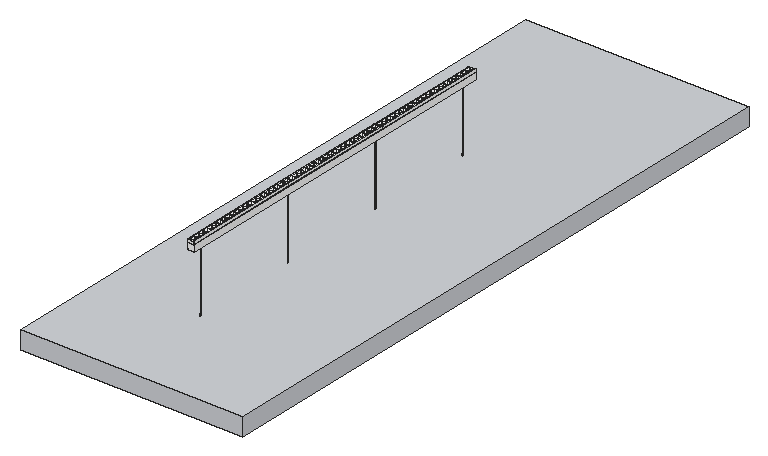
Revit family "Zumtobel TECTON MIREL LED", category Lighting Fixtures, host Face, Revit 2016
Family settings
  Host = Face
  Part Type = Normal
  Round Connector Dimension = Use Diameter
  OmniClass Number = 23.80.70.11
  OmniClass Title = Luminaries for Internal Lighting
  Cut with Voids When Loaded = No
  Light Source = No
  Shared = No
  Room Calculation Point = No
Parameters (values of type "TECTON MIREL LED2700 L1000")
  Offset = 0 mm  # constant formula
  Type Comments = "© Zumtobel. We reserve the right to make technical changes without prior notice."  # constant formula
  Track [instance] = Zumtobel_Metal_White
  Suspension Height [instance] = 600 mm
  URL = "http://www.zumtobel.com/42185314"
  Suspension [instance] = Zumtobel_Metal_White
  Reflector [instance] = Zumtobel_Metal_White
  Number of Suspensions [instance] = 4
  Number of Lighting Fixtures [instance] = 3
  Length Continuous Row [instance] = Number of Lighting Fixtures * Length + (Number of Lighting Fixtures - 1) * Distance between Fixtures + Fixture Start Offset + Fixture End Offset  # 3000 mm
  Fixture Type = Zumtobel TECTON MIREL LED (Lamp & Reflector) : TECTON MIREL LED2700 L1000
  Fixture End Offset [instance] = 0 mm
  Length = 1000 mm
  Distance between Fixtures [instance] = 0 mm
  Model = ""  # constant formula
  Manufacturer = "Zumtobel Lighting"  # constant formula
  Lamp = ""  # constant formula
  Fixture Start Offset [instance] = 0 mm
  Description = "LED continuous-row luminaire"  # constant formula
  Default Elevation = 0 mm
  Body [instance] = Zumtobel_Metal_White
  Assembly Code = "D5020210"
  Apparent Load = 0 VA  # constant formula
Reference planes
  plane 1 "Top": z = 0
  plane 2 "Center (Left/Right)": x = 0
  plane 3 "Suspension Right": y = -900
  plane 4 "Left": y = -1000
  plane 5: z = 600
  plane 6: z = 540
  plane 7: y = -1000
  plane 8: y = 0
  plane 9: y = 0
  plane 10 "Right": y = 2000
  plane 11: y = 1900
  plane 12: z = 597.258
  plane 13: z = 594.252
  plane 14: z = 543.072
  plane 15: z = 546.078
Forms (mm)
  Extrusion 1, solid
    sketch origin (0, 0, 0) x (1, 0, 0) y (0, 1, 0)
      loop
        line (-819.2, 3600) -> (-819.2, -1800) -> (1080.8, -1800) -> (1080.8, 3600) -> (-819.2, 3600)
    from 0 to -150
  Extrusion 2, solid, material "Zumtobel_Metal_White" <- "Track"
    sketch origin (0, -900, 0) x (0, 0, -1) y (-1, 0, 0)
      loop
        line (-597.258, 27.125) -> (-594.252, 27.125) -> (-594.252, 21.81) -> (-600, 21.81) -> (-600, -21.81) -> (-594.252, -21.81) -> (-594.252, -27.125) -> (-597.258, -27.125) -> (-597.258, -30) -> (-543.072, -30) -> (-543.072, -27.125) -> (-546.078, -27.125) -> (-546.078, -21.81) -> (-540, -21.81) -> (-540, 21.81) -> (-546.078, 21.81) -> (-546.078, 27.125) -> (-543.072, 27.125) -> (-543.072, 30) -> (-597.258, 30) -> (-597.258, 27.125)
    from -100 to 2900
Dimensions and locks
  locked: plane 3 "Suspension Right" to connector elem
  locked: plane 3 "Suspension Right" to plane 4 "Left" at 100
  locked: plane 5 to plane 6 at 60
  "Suspension Height": plane 5 to plane 1 "Top"
  "Fixture Start Offset": plane 7 to plane 4 "Left"
  "Length": plane 8 to plane 7
  "Distance between Fixtures": plane 9 to plane 8
  "Length Continuous Row": plane 10 "Right" to plane 4 "Left"
  locked: plane 10 "Right" to plane 11 at 100
  plane 5 to plane 12 to plane 13 = 2.742 mm locked, 3.006 mm locked
  plane 6 to plane 14 to plane 15 = 3.072 mm locked, 3.006 mm locked
  equal spacing: group 1, group 3, group 4, group 2  (x3)
  equal spacing: group 5, group 6, group 7  (x3)
  aligned and locked: plane 1 "Top" to Extrusion 1
  aligned and locked: level to Extrusion 1
  aligned and locked: nested 1 to plane 2 "Center (Left/Right)"
  aligned and locked: plane 12 to Extrusion 2 sketch curve
  aligned and locked: Extrusion 2 sketch curve to plane 12
  aligned and locked: Extrusion 2 sketch curve to plane 13  (x2)
  aligned and locked: Extrusion 2 sketch curve to plane 15
  aligned and locked: plane 15 to Extrusion 2 sketch curve
  aligned and locked: plane 14 to Extrusion 2 sketch curve
  aligned and locked: Extrusion 2 sketch curve to plane 14
  aligned and locked: Extrusion 2 sketch curve to plane 5
  aligned and locked: Extrusion 2 sketch curve to plane 6
  aligned and locked: Extrusion 2 to plane 4 "Left"
  aligned and locked: plane 10 "Right" to Extrusion 2
  aligned and locked: plane 11 to nested 3
  aligned and locked: plane 3 "Suspension Right" to nested 2
  aligned and locked: nested 6 to plane 9
  aligned and locked: nested 1 to plane 7
Automatic sketch dimensions
  Extrusion 1 sketch curve to Extrusion 1 sketch curve = 1900 mm
  Extrusion 1 sketch curve to Extrusion 1 sketch curve = 5400 mm
  plane 2 "Center (Left/Right)" to Extrusion 2 sketch curve = 30 mm
  Extrusion 2 sketch curve to Extrusion 2 sketch curve = 2.875 mm  (x3)
  Extrusion 2 sketch curve to Extrusion 2 sketch curve = 5.315 mm  (x4)
  Extrusion 2 sketch curve to Extrusion 2 sketch curve = 43.62 mm  (x2)
Nested families
  nested 1: "Zumtobel TECTON MIREL LED (Lamp & Reflector)" at (-218.644, -425.076, 0) x (0, 1, 0) z (0, 0, -1), Suspension Height <- "Suspension Height", built-in parameter 1001364 <- "Offset", type <- "Fixture Type", Reflector <- "Reflector", Body <- "Body", type "TECTON MIREL LED2700 L1000"
    with Suspension Height 600 mm, Reflector Zumtobel_Metal_White, Light Emitting Shape Zumtobel_PMMA_Self_llumination_Opaque, Body Zumtobel_Metal_White, L 2000 no, L 1500 no
  nested 2: "Suspension" at (2.506, -900, 0) x (1, 0, 0) z (0, 0, -1), Suspension <- "Suspension", type "Suspension"
    with Suspension Zumtobel_Metal_White
  nested 3: "Suspension" at (2.506, 1900, 0) x (1, 0, 0) z (0, 0, -1), Suspension <- "Suspension", type "Suspension"
    with Suspension Zumtobel_Metal_White
  nested 4: "Suspension" at (2.506, 33.333, 0) x (1, 0, 0) z (0, 0, -1), Suspension <- "Suspension", type "Suspension"
    with Suspension Zumtobel_Metal_White
  nested 5: "Suspension" at (2.506, 966.667, 0) x (1, 0, 0) z (0, 0, -1), Suspension <- "Suspension", type "Suspension"
    with Suspension Zumtobel_Metal_White
  nested 6: "Zumtobel TECTON MIREL LED (Lamp & Reflector)" at (-218.644, 574.924, 0) x (0, 1, 0) z (0, 0, -1), Suspension Height <- "Suspension Height", built-in parameter 1001364 <- "Offset", type <- "Fixture Type", Reflector <- "Reflector", Body <- "Body", type "TECTON MIREL LED2700 L1000"
    with Suspension Height 600 mm, Reflector Zumtobel_Metal_White, Light Emitting Shape Zumtobel_PMMA_Self_llumination_Opaque, Body Zumtobel_Metal_White, L 2000 no, L 1500 no
  nested 7: "Zumtobel TECTON MIREL LED (Lamp & Reflector)" at (-218.644, 1574.924, 0) x (0, 1, 0) z (0, 0, -1), Suspension Height <- "Suspension Height", built-in parameter 1001364 <- "Offset", type <- "Fixture Type", Reflector <- "Reflector", Body <- "Body", type "TECTON MIREL LED2700 L1000"
    with Suspension Height 600 mm, Reflector Zumtobel_Metal_White, Light Emitting Shape Zumtobel_PMMA_Self_llumination_Opaque, Body Zumtobel_Metal_White, L 2000 no, L 1500 no
Connectors
  electrical at (0, -900, 0), driven by "Apparent Load", driven by "Apparent Load"
    settings: index 1, voltage 230 V, apparent load 0 VA, apparent load phase1 0 VA, apparent load phase2 0 VA, apparent load phase3 0 VA, power factor 1, load classification "Other", number of poles 1, system type 30, power factor state 1, is connector primary yes, connector utility no, sub classification motor no, connector description ""
Definition of nested family "Zumtobel TECTON MIREL LED (Lamp & Reflector)"
  Parameters (values of type "TECTON MIREL LED5400 L2000")
    Width = 60 mm  # constant formula
    Wattage = 36.4207 W
    Voltage = 230  # constant formula
    URL = "http://www.zumtobel.com/42185316"
    built-in parameter 1150110 = 1 (stored number, unit not read)
    Reflector [instance] = none
    Light Emitting Shape [instance] = none
    L 2000 = yes
    L 1500 = yes
    L 1000 = yes
    Emit from Rectangle Width = Length  # 2000 mm
    Emit from Rectangle Length = 54 mm  # constant formula
    Emit Shape Visible in Rendering = no
    Body [instance] = none
    Apparent Load = 37.7 VA
    Model = "42185316"
    built-in parameter 1114217 = 1 (stored number, unit not read)
    Tilt Angle = 90.00°
    built-in parameter 1150109 = 1 (stored number, unit not read)
    built-in parameter 1150134 = 12
    Suspension Height [instance] = 400 mm
    built-in parameter 1150113 = 1 (stored number, unit not read)
    Length = 2000 mm
    Lamp = "LED"  # constant formula
    Wattage Comments = "230"  # constant formula
    Manufacturer = "Zumtobel Ligthing"  # constant formula
    Photometric Web File = "D38477AA_TECTON_MIREL_LED5400-840_L2000_LDE_WH.IES"
    built-in parameter 1150105 = 3870.3 (stored number, unit not read)
    Lumens = 5410 lm
    built-in parameter 1150115 = 1 (stored number, unit not read)
    built-in parameter 1150137 = (empty or 0)
    built-in parameter 1150139 = (empty or 0)
    built-in parameter 1150112 = 1 (stored number, unit not read)
    built-in parameter 1150114 = 1 (stored number, unit not read)
    built-in parameter 1150132 = 2
    Description = "LED continuous row luminaire"  # constant formula
    Assembly Code = ""
    built-in parameter 1150102 = (empty or 0)
    built-in parameter 1150107 = 4000 (stored number, unit not read)
    built-in parameter 1150138 = (empty or 0)
    built-in parameter 1150106 = 38.703 (stored number, unit not read)
    built-in parameter 1150104 = 13.8 (stored number, unit not read)
    Dimming Lamp Color Temperature Shift = (empty or 0)
    Color Filter = 16777215
    built-in parameter 1114218 = 1 (stored number, unit not read)
    built-in parameter 1150133 = 10 (stored number, unit not read)
  Types (6, lengths in mm): name | Wattage | URL | Emit from Rectangle Width | Apparent Load | Model | Suspension Height | Length | Photometric Web File | built-in parameter 1150105 | Lumens | built-in parameter 1150106
    TECTON MIREL LED3700 L1000 | 36.4207 W | "http://www.zumtobel.com/42185316" | 2000 | 37.7 VA | "42185316" | 400 | 2000 | "D38477AA_TECTON_MIREL_LED5400-840_L2000_LDE_WH.IES" | 3870.3 (stored number, unit not read) | 5410 lm | 38.703 (stored number, unit not read)
    TECTON MIREL LED5400 L2000 | 36.4207 W | "http://www.zumtobel.com/42185316" | 2000 | 37.7 VA | "42185316" | 400 | 2000 | "D38477AA_TECTON_MIREL_LED5400-840_L2000_LDE_WH.IES" | 3870.3 (stored number, unit not read) | 5410 lm | 38.703 (stored number, unit not read)
    TECTON MIREL LED4000 L1500 | 27.3323 W | "http://www.zumtobel.com/42185315" | 1500 | 29.3 VA | "42185315" | 500 | 1500 | "D38477AA_TECTON_MIREL_LED4000-840_L1500_LDE_WH.IES" | 2904.5 (stored number, unit not read) | 4060 lm | 29.045 (stored number, unit not read)
    TECTON MIREL LED2700 L1000 | 18.244 W | "http://www.zumtobel.com/42185314" | 1000 | 20.3 VA | "42185314" | 500 | 1000 | "D38477AA_TECTON_MIREL_LED2700-840_L1000_LDE_WH.IES" | 1938.7 (stored number, unit not read) | 2710 lm | 19.387 (stored number, unit not read)
    TECTON MIREL LED7400 L2000 | 49.8176 W | "http://www.zumtobel.com/42185319" | 2000 | 53.2 VA | "42185319" | 500 | 2000 | "D38477AA_TECTON_MIREL_LED7400-840_L2000_LDE_WH.IES" | 5294 (stored number, unit not read) | 7400 lm | 52.94 (stored number, unit not read)
    TECTON MIREL LED5500 L1500 | 37.3632 W | "http://www.zumtobel.com/42185318" | 1500 | 39.8 VA | "42185318" | 500 | 1500 | "D38477AA_TECTON_MIREL_LED5500-840_L1500_LDE_WH.IES" | 441.65 (stored number, unit not read) | 5550 lm | 4.4165 (stored number, unit not read)
  Reference planes
    plane 1 "Light Source Axis (F/B)": y = -218.644
    plane 2: z = 0
    plane 3 "Light Source Axis (L/R)": x = -74.924
    plane 4 "Light Source Elevation": z = -423
    plane 5 "Bottom": z = 0
    plane 6 "Left": x = -1074.924
    plane 7 "Right": x = 925.076
    plane 8: z = -407
    plane 9: z = -400
  Dimensions and locks
    equal spacing: plane 7 "Right", plane 3 "Light Source Axis (L/R)", plane 6 "Left"
    "Length": plane 7 "Right" to plane 6 "Left"
    "Suspension Height": plane 5 "Bottom" to plane 9
    plane 9 to plane 8 to plane 4 "Light Source Elevation" = 7 mm locked, 16 mm locked
    aligned: plane 3 "Light Source Axis (L/R)" to imposter light
    aligned: plane 1 "Light Source Axis (F/B)" to imposter light
    aligned and locked: plane 4 "Light Source Elevation" to imposter light
    aligned and locked: plane 5 "Bottom" to level
    aligned and locked: imposter light to plane 3 "Light Source Axis (L/R)"
    aligned and locked: imposter light to plane 1 "Light Source Axis (F/B)"
    aligned and locked: plane 3 "Light Source Axis (L/R)" to nested 1
    aligned and locked: plane 9 to nested 1
    aligned and locked: plane 1 "Light Source Axis (F/B)" to nested 1
    aligned and locked: nested 2 to plane 9
    aligned and locked: nested 3 to plane 9
    aligned and locked: plane 1 "Light Source Axis (F/B)" to nested 2
    aligned and locked: plane 1 "Light Source Axis (F/B)" to nested 3
  Nested families
    nested 1: "Zumtobel TECTON MIREL Body L 2000" at (0, 0, 200), visible <- "L 2000", Body <- "Body", Light Emitting Shape <- "Light Emitting Shape", Reflector <- "Reflector", type "L 2000"
    nested 2: "Zumtobel TECTON MIREL Body L 1500" at (0, 0, 200), visible <- "L 1500", Reflector <- "Reflector", Light Emitting Shape <- "Light Emitting Shape", Body <- "Body", type "L 1500"
    nested 3: "Zumtobel TECTON MIREL Body L 1000" at (0, 0, 200), visible <- "L 1000", Reflector <- "Reflector", Light Emitting Shape <- "Light Emitting Shape", Body <- "Body", type "L 1000"
  Definition of nested family "Zumtobel TECTON MIREL Body L 2000"
    Parameters (values of type "L 2000")
      URL = ""
      Reflector [instance] = none
      Light Emitting Shape [instance] = none
      L 2000 = yes
      L 200 = yes
      L 1500 = no
      L 1000 = no
      Body [instance] = none
      Apparent Load = 0 VA  # constant formula
      Model = ""
      Lamp = ""
      Wattage Comments = ""
      Manufacturer = ""
      Description = ""
      Assembly Code = ""
    Reference planes
      plane 1 "Light Source Axis (F/B)": y = -218.644
      plane 2: z = 0
      plane 3 "Light Source Axis (L/R)": x = -74.924
      plane 4 "Light Source Elevation": z = -623
      plane 5 "Bottom": z = 0
      plane 6 "Left": x = -1074.924
      plane 7 "Right": x = 925.076
      plane 8: z = -607
      plane 9: z = -600
    Forms (mm)
      Extrusion 1, solid, material <- "Body", visible <- "L 200"
        sketch origin (-74.924, 0, 0) x (0, 1, 0) y (0, 0, 1)
          loop
            line (-188.644, -607) -> (-191.518, -607) -> (-191.518, -600) -> (-245.769, -600) -> (-245.769, -607) -> (-248.644, -607) -> (-248.644, -625) -> (-246.644, -625) -> (-245.644, -623) -> (-191.644, -623) -> (-190.644, -625) -> (-188.644, -625) -> (-188.644, -607)
        from -1000 to 1000
      Blend 2, void
        base sketch origin (0, 0, -623) x (0, -1, 0) y (1, 0, 0)
          loop
            line (238.644, -78.424) -> (198.644, -78.424) -> (198.644, -118.424) -> (238.644, -118.424) -> (238.644, -78.424)
        top sketch origin (0, 0, -623) x (0, -1, 0) y (1, 0, 0)
          loop
            line (207.644, -109.424) -> (229.644, -109.424) -> (229.644, -87.424) -> (207.644, -87.424) -> (207.644, -109.424)
        from 0 to 10
      Blend 3, void
        base sketch origin (0, 0, -623) x (0, -1, 0) y (1, 0, 0)
          loop
            line (238.644, -71.424) -> (238.644, -31.424) -> (198.644, -31.424) -> (198.644, -71.424) -> (238.644, -71.424)
        top sketch origin (0, 0, -623) x (0, -1, 0) y (1, 0, 0)
          loop
            line (207.644, -40.424) -> (207.644, -62.424) -> (229.644, -62.424) -> (229.644, -40.424) -> (207.644, -40.424)
        from 0 to 10
      Blend 4, void
        base sketch origin (0, 0, -623) x (0, -1, 0) y (1, 0, 0)
          loop
            line (238.644, 15.576) -> (198.644, 15.576) -> (198.644, -24.424) -> (238.644, -24.424) -> (238.644, 15.576)
        top sketch origin (0, 0, -623) x (0, -1, 0) y (1, 0, 0)
          loop
            line (207.644, -15.424) -> (229.644, -15.424) -> (229.644, 6.576) -> (207.644, 6.576) -> (207.644, -15.424)
        from 0 to 10
      Blend 5, void
        base sketch origin (0, 0, -623) x (0, -1, 0) y (1, 0, 0)
          loop
            line (238.644, 109.576) -> (198.644, 109.576) -> (198.644, 69.576) -> (238.644, 69.576) -> (238.644, 109.576)
        top sketch origin (0, 0, -623) x (0, -1, 0) y (1, 0, 0)
          loop
            line (207.644, 78.576) -> (229.644, 78.576) -> (229.644, 100.576) -> (207.644, 100.576) -> (207.644, 78.576)
        from 0 to 10
      Blend 6, void
        base sketch origin (0, 0, -623) x (0, -1, 0) y (1, 0, 0)
          loop
            line (238.644, 62.576) -> (198.644, 62.576) -> (198.644, 22.576) -> (238.644, 22.576) -> (238.644, 62.576)
        top sketch origin (0, 0, -623) x (0, -1, 0) y (1, 0, 0)
          loop
            line (207.644, 31.576) -> (229.644, 31.576) -> (229.644, 53.576) -> (207.644, 53.576) -> (207.644, 31.576)
        from 0 to 10
      Blend 7, void
        base sketch origin (0, 0, -623) x (0, -1, 0) y (1, 0, 0)
          loop
            line (238.644, 116.576) -> (238.644, 156.576) -> (198.644, 156.576) -> (198.644, 116.576) -> (238.644, 116.576)
        top sketch origin (0, 0, -623) x (0, -1, 0) y (1, 0, 0)
          loop
            line (207.644, 147.576) -> (207.644, 125.576) -> (229.644, 125.576) -> (229.644, 147.576) -> (207.644, 147.576)
        from 0 to 10
      Blend 8, void
        base sketch origin (0, 0, -623) x (0, -1, 0) y (1, 0, 0)
          loop
            line (238.644, 344.576) -> (198.644, 344.576) -> (198.644, 304.576) -> (238.644, 304.576) -> (238.644, 344.576)
        top sketch origin (0, 0, -623) x (0, -1, 0) y (1, 0, 0)
          loop
            line (207.644, 313.576) -> (229.644, 313.576) -> (229.644, 335.576) -> (207.644, 335.576) -> (207.644, 313.576)
        from 0 to 10
      Blend 9, void
        base sketch origin (0, 0, -623) x (0, -1, 0) y (1, 0, 0)
          loop
            line (238.644, 297.576) -> (198.644, 297.576) -> (198.644, 257.576) -> (238.644, 257.576) -> (238.644, 297.576)
        top sketch origin (0, 0, -623) x (0, -1, 0) y (1, 0, 0)
          loop
            line (207.644, 266.576) -> (229.644, 266.576) -> (229.644, 288.576) -> (207.644, 288.576) -> (207.644, 266.576)
        from 0 to 10
      Blend 10, void
        base sketch origin (0, 0, -623) x (0, -1, 0) y (1, 0, 0)
          loop
            line (238.644, 210.576) -> (238.644, 250.576) -> (198.644, 250.576) -> (198.644, 210.576) -> (238.644, 210.576)
        top sketch origin (0, 0, -623) x (0, -1, 0) y (1, 0, 0)
          loop
            line (207.644, 241.576) -> (207.644, 219.576) -> (229.644, 219.576) -> (229.644, 241.576) -> (207.644, 241.576)
        from 0 to 10
      Blend 11, void
        base sketch origin (0, 0, -623) x (0, -1, 0) y (1, 0, 0)
          loop
            line (238.644, 163.576) -> (238.644, 203.576) -> (198.644, 203.576) -> (198.644, 163.576) -> (238.644, 163.576)
        top sketch origin (0, 0, -623) x (0, -1, 0) y (1, 0, 0)
          loop
            line (207.644, 194.576) -> (207.644, 172.576) -> (229.644, 172.576) -> (229.644, 194.576) -> (207.644, 194.576)
        from 0 to 10
      Blend 12, void
        base sketch origin (0, 0, -623) x (0, -1, 0) y (1, 0, 0)
          loop
            line (238.644, 351.576) -> (238.644, 391.576) -> (198.644, 391.576) -> (198.644, 351.576) -> (238.644, 351.576)
        top sketch origin (0, 0, -623) x (0, -1, 0) y (1, 0, 0)
          loop
            line (207.644, 382.576) -> (207.644, 360.576) -> (229.644, 360.576) -> (229.644, 382.576) -> (207.644, 382.576)
        from 0 to 10
      Blend 13, void
        base sketch origin (0, 0, -623) x (0, -1, 0) y (1, 0, 0)
          loop
            line (238.644, 438.576) -> (198.644, 438.576) -> (198.644, 398.576) -> (238.644, 398.576) -> (238.644, 438.576)
        top sketch origin (0, 0, -623) x (0, -1, 0) y (1, 0, 0)
          loop
            line (207.644, 407.576) -> (229.644, 407.576) -> (229.644, 429.576) -> (207.644, 429.576) -> (207.644, 407.576)
        from 0 to 10
      Blend 14, void
        base sketch origin (0, 0, -623) x (0, -1, 0) y (1, 0, 0)
          loop
            line (238.644, 532.576) -> (198.644, 532.576) -> (198.644, 492.576) -> (238.644, 492.576) -> (238.644, 532.576)
        top sketch origin (0, 0, -623) x (0, -1, 0) y (1, 0, 0)
          loop
            line (207.644, 501.576) -> (229.644, 501.576) -> (229.644, 523.576) -> (207.644, 523.576) -> (207.644, 501.576)
        from 0 to 10
      Blend 15, void
        base sketch origin (0, 0, -623) x (0, -1, 0) y (1, 0, 0)
          loop
            line (238.644, 485.576) -> (198.644, 485.576) -> (198.644, 445.576) -> (238.644, 445.576) -> (238.644, 485.576)
        top sketch origin (0, 0, -623) x (0, -1, 0) y (1, 0, 0)
          loop
            line (207.644, 454.576) -> (229.644, 454.576) -> (229.644, 476.576) -> (207.644, 476.576) -> (207.644, 454.576)
        from 0 to 10
      Blend 16, void
        base sketch origin (0, 0, -623) x (0, -1, 0) y (1, 0, 0)
          loop
            line (238.644, 539.576) -> (238.644, 579.576) -> (198.644, 579.576) -> (198.644, 539.576) -> (238.644, 539.576)
        top sketch origin (0, 0, -623) x (0, -1, 0) y (1, 0, 0)
          loop
            line (207.644, 570.576) -> (207.644, 548.576) -> (229.644, 548.576) -> (229.644, 570.576) -> (207.644, 570.576)
        from 0 to 10
      Blend 17, void
        base sketch origin (0, 0, -623) x (0, -1, 0) y (1, 0, 0)
          loop
            line (238.644, 767.576) -> (198.644, 767.576) -> (198.644, 727.576) -> (238.644, 727.576) -> (238.644, 767.576)
        top sketch origin (0, 0, -623) x (0, -1, 0) y (1, 0, 0)
          loop
            line (207.644, 736.576) -> (229.644, 736.576) -> (229.644, 758.576) -> (207.644, 758.576) -> (207.644, 736.576)
        from 0 to 10
      Blend 18, void
        base sketch origin (0, 0, -623) x (0, -1, 0) y (1, 0, 0)
          loop
            line (238.644, 720.576) -> (198.644, 720.576) -> (198.644, 680.576) -> (238.644, 680.576) -> (238.644, 720.576)
        top sketch origin (0, 0, -623) x (0, -1, 0) y (1, 0, 0)
          loop
            line (207.644, 689.576) -> (229.644, 689.576) -> (229.644, 711.576) -> (207.644, 711.576) -> (207.644, 689.576)
        from 0 to 10
      Blend 19, void
        base sketch origin (0, 0, -623) x (0, -1, 0) y (1, 0, 0)
          loop
            line (238.644, 633.576) -> (238.644, 673.576) -> (198.644, 673.576) -> (198.644, 633.576) -> (238.644, 633.576)
        top sketch origin (0, 0, -623) x (0, -1, 0) y (1, 0, 0)
          loop
            line (207.644, 664.576) -> (207.644, 642.576) -> (229.644, 642.576) -> (229.644, 664.576) -> (207.644, 664.576)
        from 0 to 10
      Blend 20, void
        base sketch origin (0, 0, -623) x (0, -1, 0) y (1, 0, 0)
          loop
            line (238.644, 586.576) -> (238.644, 626.576) -> (198.644, 626.576) -> (198.644, 586.576) -> (238.644, 586.576)
        top sketch origin (0, 0, -623) x (0, -1, 0) y (1, 0, 0)
          loop
            line (207.644, 617.576) -> (207.644, 595.576) -> (229.644, 595.576) -> (229.644, 617.576) -> (207.644, 617.576)
        from 0 to 10
      Blend 21, void
        base sketch origin (0, 0, -623) x (0, -1, 0) y (1, 0, 0)
          loop
            line (238.644, 774.576) -> (238.644, 814.576) -> (198.644, 814.576) -> (198.644, 774.576) -> (238.644, 774.576)
        top sketch origin (0, 0, -623) x (0, -1, 0) y (1, 0, 0)
          loop
            line (207.644, 805.576) -> (207.644, 783.576) -> (229.644, 783.576) -> (229.644, 805.576) -> (207.644, 805.576)
        from 0 to 10
      Blend 22, void
        base sketch origin (0, 0, -623) x (0, -1, 0) y (1, 0, 0)
          loop
            line (238.644, 861.576) -> (198.644, 861.576) -> (198.644, 821.576) -> (238.644, 821.576) -> (238.644, 861.576)
        top sketch origin (0, 0, -623) x (0, -1, 0) y (1, 0, 0)
          loop
            line (207.644, 830.576) -> (229.644, 830.576) -> (229.644, 852.576) -> (207.644, 852.576) -> (207.644, 830.576)
        from 0 to 10
      Blend 23, void
        base sketch origin (0, 0, -623) x (0, -1, 0) y (1, 0, 0)
          loop
            line (238.644, 908.576) -> (198.644, 908.576) -> (198.644, 868.576) -> (238.644, 868.576) -> (238.644, 908.576)
        top sketch origin (0, 0, -623) x (0, -1, 0) y (1, 0, 0)
          loop
            line (207.644, 877.576) -> (229.644, 877.576) -> (229.644, 899.576) -> (207.644, 899.576) -> (207.644, 877.576)
        from 0 to 10
      Blend 24, void
        base sketch origin (0, 0, -623) x (0, -1, 0) y (1, 0, 0)
          loop
            line (238.644, -165.424) -> (238.644, -125.424) -> (198.644, -125.424) -> (198.644, -165.424) -> (238.644, -165.424)
        top sketch origin (0, 0, -623) x (0, -1, 0) y (1, 0, 0)
          loop
            line (207.644, -134.424) -> (207.644, -156.424) -> (229.644, -156.424) -> (229.644, -134.424) -> (207.644, -134.424)
        from 0 to 10
      Blend 25, void
        base sketch origin (0, 0, -623) x (0, -1, 0) y (1, 0, 0)
          loop
            line (238.644, -259.424) -> (238.644, -219.424) -> (198.644, -219.424) -> (198.644, -259.424) -> (238.644, -259.424)
        top sketch origin (0, 0, -623) x (0, -1, 0) y (1, 0, 0)
          loop
            line (207.644, -228.424) -> (207.644, -250.424) -> (229.644, -250.424) -> (229.644, -228.424) -> (207.644, -228.424)
        from 0 to 10
      Blend 26, void
        base sketch origin (0, 0, -623) x (0, -1, 0) y (1, 0, 0)
          loop
            line (238.644, -212.424) -> (238.644, -172.424) -> (198.644, -172.424) -> (198.644, -212.424) -> (238.644, -212.424)
        top sketch origin (0, 0, -623) x (0, -1, 0) y (1, 0, 0)
          loop
            line (207.644, -181.424) -> (207.644, -203.424) -> (229.644, -203.424) -> (229.644, -181.424) -> (207.644, -181.424)
        from 0 to 10
      Blend 27, void
        base sketch origin (0, 0, -623) x (0, -1, 0) y (1, 0, 0)
          loop
            line (238.644, -266.424) -> (198.644, -266.424) -> (198.644, -306.424) -> (238.644, -306.424) -> (238.644, -266.424)
        top sketch origin (0, 0, -623) x (0, -1, 0) y (1, 0, 0)
          loop
            line (207.644, -297.424) -> (229.644, -297.424) -> (229.644, -275.424) -> (207.644, -275.424) -> (207.644, -297.424)
        from 0 to 10
      Blend 28, void
        base sketch origin (0, 0, -623) x (0, -1, 0) y (1, 0, 0)
          loop
            line (238.644, -494.424) -> (238.644, -454.424) -> (198.644, -454.424) -> (198.644, -494.424) -> (238.644, -494.424)
        top sketch origin (0, 0, -623) x (0, -1, 0) y (1, 0, 0)
          loop
            line (207.644, -463.424) -> (207.644, -485.424) -> (229.644, -485.424) -> (229.644, -463.424) -> (207.644, -463.424)
        from 0 to 10
      Blend 29, void
        base sketch origin (0, 0, -623) x (0, -1, 0) y (1, 0, 0)
          loop
            line (238.644, -447.424) -> (238.644, -407.424) -> (198.644, -407.424) -> (198.644, -447.424) -> (238.644, -447.424)
        top sketch origin (0, 0, -623) x (0, -1, 0) y (1, 0, 0)
          loop
            line (207.644, -416.424) -> (207.644, -438.424) -> (229.644, -438.424) -> (229.644, -416.424) -> (207.644, -416.424)
        from 0 to 10
      Blend 30, void
        base sketch origin (0, 0, -623) x (0, -1, 0) y (1, 0, 0)
          loop
            line (238.644, -360.424) -> (198.644, -360.424) -> (198.644, -400.424) -> (238.644, -400.424) -> (238.644, -360.424)
        top sketch origin (0, 0, -623) x (0, -1, 0) y (1, 0, 0)
          loop
            line (207.644, -391.424) -> (229.644, -391.424) -> (229.644, -369.424) -> (207.644, -369.424) -> (207.644, -391.424)
        from 0 to 10
      Blend 31, void
        base sketch origin (0, 0, -623) x (0, -1, 0) y (1, 0, 0)
          loop
            line (238.644, -313.424) -> (198.644, -313.424) -> (198.644, -353.424) -> (238.644, -353.424) -> (238.644, -313.424)
        top sketch origin (0, 0, -623) x (0, -1, 0) y (1, 0, 0)
          loop
            line (207.644, -344.424) -> (229.644, -344.424) -> (229.644, -322.424) -> (207.644, -322.424) -> (207.644, -344.424)
        from 0 to 10
      Blend 32, void
        base sketch origin (0, 0, -623) x (0, -1, 0) y (1, 0, 0)
          loop
            line (238.644, -501.424) -> (198.644, -501.424) -> (198.644, -541.424) -> (238.644, -541.424) -> (238.644, -501.424)
        top sketch origin (0, 0, -623) x (0, -1, 0) y (1, 0, 0)
          loop
            line (207.644, -532.424) -> (229.644, -532.424) -> (229.644, -510.424) -> (207.644, -510.424) -> (207.644, -532.424)
        from 0 to 10
      Blend 33, void
        base sketch origin (0, 0, -623) x (0, -1, 0) y (1, 0, 0)
          loop
            line (238.644, -588.424) -> (238.644, -548.424) -> (198.644, -548.424) -> (198.644, -588.424) -> (238.644, -588.424)
        top sketch origin (0, 0, -623) x (0, -1, 0) y (1, 0, 0)
          loop
            line (207.644, -557.424) -> (207.644, -579.424) -> (229.644, -579.424) -> (229.644, -557.424) -> (207.644, -557.424)
        from 0 to 10
      Blend 34, void
        base sketch origin (0, 0, -623) x (0, -1, 0) y (1, 0, 0)
          loop
            line (238.644, -682.424) -> (238.644, -642.424) -> (198.644, -642.424) -> (198.644, -682.424) -> (238.644, -682.424)
        top sketch origin (0, 0, -623) x (0, -1, 0) y (1, 0, 0)
          loop
            line (207.644, -651.424) -> (207.644, -673.424) -> (229.644, -673.424) -> (229.644, -651.424) -> (207.644, -651.424)
        from 0 to 10
      Blend 35, void
        base sketch origin (0, 0, -623) x (0, -1, 0) y (1, 0, 0)
          loop
            line (238.644, -635.424) -> (238.644, -595.424) -> (198.644, -595.424) -> (198.644, -635.424) -> (238.644, -635.424)
        top sketch origin (0, 0, -623) x (0, -1, 0) y (1, 0, 0)
          loop
            line (207.644, -604.424) -> (207.644, -626.424) -> (229.644, -626.424) -> (229.644, -604.424) -> (207.644, -604.424)
        from 0 to 10
      Blend 36, void
        base sketch origin (0, 0, -623) x (0, -1, 0) y (1, 0, 0)
          loop
            line (238.644, -689.424) -> (198.644, -689.424) -> (198.644, -729.424) -> (238.644, -729.424) -> (238.644, -689.424)
        top sketch origin (0, 0, -623) x (0, -1, 0) y (1, 0, 0)
          loop
            line (207.644, -720.424) -> (229.644, -720.424) -> (229.644, -698.424) -> (207.644, -698.424) -> (207.644, -720.424)
        from 0 to 10
      Blend 37, void
        base sketch origin (0, 0, -623) x (0, -1, 0) y (1, 0, 0)
          loop
            line (238.644, -917.424) -> (238.644, -877.424) -> (198.644, -877.424) -> (198.644, -917.424) -> (238.644, -917.424)
        top sketch origin (0, 0, -623) x (0, -1, 0) y (1, 0, 0)
          loop
            line (207.644, -886.424) -> (207.644, -908.424) -> (229.644, -908.424) -> (229.644, -886.424) -> (207.644, -886.424)
        from 0 to 10
      Blend 38, void
        base sketch origin (0, 0, -623) x (0, -1, 0) y (1, 0, 0)
          loop
            line (238.644, -870.424) -> (238.644, -830.424) -> (198.644, -830.424) -> (198.644, -870.424) -> (238.644, -870.424)
        top sketch origin (0, 0, -623) x (0, -1, 0) y (1, 0, 0)
          loop
            line (207.644, -839.424) -> (207.644, -861.424) -> (229.644, -861.424) -> (229.644, -839.424) -> (207.644, -839.424)
        from 0 to 10
      Blend 39, void
        base sketch origin (0, 0, -623) x (0, -1, 0) y (1, 0, 0)
          loop
            line (238.644, -783.424) -> (198.644, -783.424) -> (198.644, -823.424) -> (238.644, -823.424) -> (238.644, -783.424)
        top sketch origin (0, 0, -623) x (0, -1, 0) y (1, 0, 0)
          loop
            line (207.644, -814.424) -> (229.644, -814.424) -> (229.644, -792.424) -> (207.644, -792.424) -> (207.644, -814.424)
        from 0 to 10
      Blend 40, void
        base sketch origin (0, 0, -623) x (0, -1, 0) y (1, 0, 0)
          loop
            line (238.644, -736.424) -> (198.644, -736.424) -> (198.644, -776.424) -> (238.644, -776.424) -> (238.644, -736.424)
        top sketch origin (0, 0, -623) x (0, -1, 0) y (1, 0, 0)
          loop
            line (207.644, -767.424) -> (229.644, -767.424) -> (229.644, -745.424) -> (207.644, -745.424) -> (207.644, -767.424)
        from 0 to 10
      Blend 41, void
        base sketch origin (0, 0, -623) x (0, -1, 0) y (1, 0, 0)
          loop
            line (238.644, -924.424) -> (198.644, -924.424) -> (198.644, -964.424) -> (238.644, -964.424) -> (238.644, -924.424)
        top sketch origin (0, 0, -623) x (0, -1, 0) y (1, 0, 0)
          loop
            line (207.644, -955.424) -> (229.644, -955.424) -> (229.644, -933.424) -> (207.644, -933.424) -> (207.644, -955.424)
        from 0 to 10
      Blend 42, void
        base sketch origin (0, 0, -623) x (0, -1, 0) y (1, 0, 0)
          loop
            line (238.644, -1011.424) -> (238.644, -971.424) -> (198.644, -971.424) -> (198.644, -1011.424) -> (238.644, -1011.424)
        top sketch origin (0, 0, -623) x (0, -1, 0) y (1, 0, 0)
          loop
            line (207.644, -980.424) -> (207.644, -1002.424) -> (229.644, -1002.424) -> (229.644, -980.424) -> (207.644, -980.424)
        from 0 to 10
      Blend 43, void
        base sketch origin (0, 0, -623) x (0, -1, 0) y (1, 0, 0)
          loop
            line (238.644, -1058.424) -> (238.644, -1018.424) -> (198.644, -1018.424) -> (198.644, -1058.424) -> (238.644, -1058.424)
        top sketch origin (0, 0, -623) x (0, -1, 0) y (1, 0, 0)
          loop
            line (207.644, -1027.424) -> (207.644, -1049.424) -> (229.644, -1049.424) -> (229.644, -1027.424) -> (207.644, -1027.424)
        from 0 to 10
    Cuts and joins
      Blend 2, Blend 3, Blend 4, Blend 5, Blend 6, Blend 7, Blend 8, Blend 9, Blend 10, Blend 11, Blend 12, Blend 13, Blend 14, Blend 15, Blend 16, Blend 17, Blend 18, Blend 19, Blend 20, Blend 21, Blend 22, Blend 23, Blend 24, Blend 25, Blend 26, Blend 27, Blend 28, Blend 29, Blend 30, Blend 31, Blend 32, Blend 33, Blend 34, Blend 35, Blend 36, Blend 37, Blend 38, Blend 39, Blend 40, Blend 41, Blend 42, Blend 43 cuts Extrusion 1
    Dimensions and locks
      equal spacing: plane 7 "Right", plane 3 "Light Source Axis (L/R)", plane 6 "Left"
      locked: plane 7 "Right" to plane 6 "Left" at 2000
      plane 9 to plane 8 to plane 4 "Light Source Elevation" = 7 mm locked, 16 mm locked
      aligned and locked: plane 5 "Bottom" to level
      aligned and locked: Extrusion 1 to plane 6 "Left"
      aligned and locked: plane 7 "Right" to Extrusion 1
    Automatic sketch dimensions
      Extrusion 1 sketch curve to plane 8 = 0 mm  (x2)
      plane 9 to Extrusion 1 sketch curve = 0 mm
      plane 4 "Light Source Elevation" to Extrusion 1 sketch curve = 0 mm
      plane 4 "Light Source Elevation" to Extrusion 1 sketch curve = 2 mm  (x2)
      plane 1 "Light Source Axis (F/B)" to Extrusion 1 sketch curve = 30 mm
      Extrusion 1 sketch curve to Extrusion 1 sketch curve = 2 mm  (x2)
      Extrusion 1 sketch curve to Extrusion 1 sketch curve = 2.875 mm
      Extrusion 1 sketch curve to Extrusion 1 sketch curve = 1 mm  (x2)
      Extrusion 1 sketch curve to plane 1 "Light Source Axis (F/B)" = 27 mm
      Extrusion 1 sketch curve to Extrusion 1 sketch curve = 0.125 mm
      Blend 2 sketch curve to plane 3 "Light Source Axis (L/R)" = 3.5 mm
      Blend 2 sketch curve to plane 1 "Light Source Axis (F/B)" = 20 mm
      plane 1 "Light Source Axis (F/B)" to Blend 2 sketch curve = 20 mm
      Blend 2 sketch curve to Blend 2 sketch curve = 40 mm
      Blend 2 sketch curve to plane 1 "Light Source Axis (F/B)" = 11 mm
      plane 1 "Light Source Axis (F/B)" to Blend 2 sketch curve = 11 mm
      Blend 2 sketch curve to plane 3 "Light Source Axis (L/R)" = 34.5 mm
      Blend 2 sketch curve to plane 3 "Light Source Axis (L/R)" = 12.5 mm
      plane 3 "Light Source Axis (L/R)" to Blend 3 sketch curve = 3.5 mm
      Blend 3 sketch curve to plane 1 "Light Source Axis (F/B)" = 20 mm
      plane 1 "Light Source Axis (F/B)" to Blend 3 sketch curve = 20 mm
      Blend 3 sketch curve to Blend 3 sketch curve = 40 mm
      Blend 3 sketch curve to plane 1 "Light Source Axis (F/B)" = 11 mm
      plane 1 "Light Source Axis (F/B)" to Blend 3 sketch curve = 11 mm
      plane 3 "Light Source Axis (L/R)" to Blend 3 sketch curve = 12.5 mm
      Blend 3 sketch curve to Blend 3 sketch curve = 22 mm
      Blend 4 sketch curve to plane 1 "Light Source Axis (F/B)" = 20 mm
      plane 1 "Light Source Axis (F/B)" to Blend 4 sketch curve = 20 mm
      plane 3 "Light Source Axis (L/R)" to Blend 4 sketch curve = 50.5 mm
      Blend 4 sketch curve to Blend 4 sketch curve = 40 mm
      Blend 4 sketch curve to plane 1 "Light Source Axis (F/B)" = 11 mm
      plane 1 "Light Source Axis (F/B)" to Blend 4 sketch curve = 11 mm
      plane 3 "Light Source Axis (L/R)" to Blend 4 sketch curve = 59.5 mm
      Blend 4 sketch curve to Blend 4 sketch curve = 22 mm
      Blend 5 sketch curve to plane 1 "Light Source Axis (F/B)" = 20 mm
      plane 1 "Light Source Axis (F/B)" to Blend 5 sketch curve = 20 mm
      plane 3 "Light Source Axis (L/R)" to Blend 5 sketch curve = 144.5 mm
      Blend 5 sketch curve to Blend 5 sketch curve = 40 mm
      Blend 5 sketch curve to plane 1 "Light Source Axis (F/B)" = 11 mm
      plane 1 "Light Source Axis (F/B)" to Blend 5 sketch curve = 11 mm
      plane 3 "Light Source Axis (L/R)" to Blend 5 sketch curve = 153.5 mm
      Blend 5 sketch curve to Blend 5 sketch curve = 22 mm
      Blend 6 sketch curve to plane 1 "Light Source Axis (F/B)" = 20 mm
      plane 1 "Light Source Axis (F/B)" to Blend 6 sketch curve = 20 mm
      plane 3 "Light Source Axis (L/R)" to Blend 6 sketch curve = 97.5 mm
      Blend 6 sketch curve to Blend 6 sketch curve = 40 mm
      Blend 6 sketch curve to plane 1 "Light Source Axis (F/B)" = 11 mm
      plane 1 "Light Source Axis (F/B)" to Blend 6 sketch curve = 11 mm
      plane 3 "Light Source Axis (L/R)" to Blend 6 sketch curve = 106.5 mm
      Blend 6 sketch curve to Blend 6 sketch curve = 22 mm
      Blend 7 sketch curve to plane 1 "Light Source Axis (F/B)" = 20 mm
      plane 1 "Light Source Axis (F/B)" to Blend 7 sketch curve = 20 mm
      plane 3 "Light Source Axis (L/R)" to Blend 7 sketch curve = 191.5 mm
      Blend 7 sketch curve to Blend 7 sketch curve = 40 mm
      Blend 7 sketch curve to plane 1 "Light Source Axis (F/B)" = 11 mm
      plane 1 "Light Source Axis (F/B)" to Blend 7 sketch curve = 11 mm
      plane 3 "Light Source Axis (L/R)" to Blend 7 sketch curve = 200.5 mm
      Blend 7 sketch curve to Blend 7 sketch curve = 22 mm
      Blend 8 sketch curve to plane 1 "Light Source Axis (F/B)" = 20 mm
      plane 1 "Light Source Axis (F/B)" to Blend 8 sketch curve = 20 mm
      plane 3 "Light Source Axis (L/R)" to Blend 8 sketch curve = 379.5 mm
      Blend 8 sketch curve to Blend 8 sketch curve = 40 mm
      Blend 8 sketch curve to plane 1 "Light Source Axis (F/B)" = 11 mm
      plane 1 "Light Source Axis (F/B)" to Blend 8 sketch curve = 11 mm
      plane 3 "Light Source Axis (L/R)" to Blend 8 sketch curve = 388.5 mm
      Blend 8 sketch curve to Blend 8 sketch curve = 22 mm
      Blend 9 sketch curve to plane 1 "Light Source Axis (F/B)" = 20 mm
      plane 1 "Light Source Axis (F/B)" to Blend 9 sketch curve = 20 mm
      plane 3 "Light Source Axis (L/R)" to Blend 9 sketch curve = 332.5 mm
      Blend 9 sketch curve to Blend 9 sketch curve = 40 mm
      Blend 9 sketch curve to plane 1 "Light Source Axis (F/B)" = 11 mm
      plane 1 "Light Source Axis (F/B)" to Blend 9 sketch curve = 11 mm
      plane 3 "Light Source Axis (L/R)" to Blend 9 sketch curve = 341.5 mm
      Blend 9 sketch curve to Blend 9 sketch curve = 22 mm
      Blend 10 sketch curve to plane 1 "Light Source Axis (F/B)" = 20 mm
      plane 1 "Light Source Axis (F/B)" to Blend 10 sketch curve = 20 mm
      plane 3 "Light Source Axis (L/R)" to Blend 10 sketch curve = 285.5 mm
      Blend 10 sketch curve to Blend 10 sketch curve = 40 mm
      Blend 10 sketch curve to plane 1 "Light Source Axis (F/B)" = 11 mm
      plane 1 "Light Source Axis (F/B)" to Blend 10 sketch curve = 11 mm
      plane 3 "Light Source Axis (L/R)" to Blend 10 sketch curve = 294.5 mm
      Blend 10 sketch curve to Blend 10 sketch curve = 22 mm
      Blend 11 sketch curve to plane 1 "Light Source Axis (F/B)" = 20 mm
      plane 1 "Light Source Axis (F/B)" to Blend 11 sketch curve = 20 mm
      plane 3 "Light Source Axis (L/R)" to Blend 11 sketch curve = 238.5 mm
      Blend 11 sketch curve to Blend 11 sketch curve = 40 mm
      Blend 11 sketch curve to plane 1 "Light Source Axis (F/B)" = 11 mm
      plane 1 "Light Source Axis (F/B)" to Blend 11 sketch curve = 11 mm
      plane 3 "Light Source Axis (L/R)" to Blend 11 sketch curve = 247.5 mm
      Blend 11 sketch curve to Blend 11 sketch curve = 22 mm
      Blend 12 sketch curve to plane 1 "Light Source Axis (F/B)" = 20 mm
      plane 1 "Light Source Axis (F/B)" to Blend 12 sketch curve = 20 mm
      plane 3 "Light Source Axis (L/R)" to Blend 12 sketch curve = 426.5 mm
      Blend 12 sketch curve to Blend 12 sketch curve = 40 mm
      Blend 12 sketch curve to plane 1 "Light Source Axis (F/B)" = 11 mm
      plane 1 "Light Source Axis (F/B)" to Blend 12 sketch curve = 11 mm
      plane 3 "Light Source Axis (L/R)" to Blend 12 sketch curve = 435.5 mm
      Blend 12 sketch curve to Blend 12 sketch curve = 22 mm
      Blend 13 sketch curve to plane 1 "Light Source Axis (F/B)" = 20 mm
      plane 1 "Light Source Axis (F/B)" to Blend 13 sketch curve = 20 mm
      plane 3 "Light Source Axis (L/R)" to Blend 13 sketch curve = 473.5 mm
      Blend 13 sketch curve to Blend 13 sketch curve = 40 mm
      Blend 13 sketch curve to plane 1 "Light Source Axis (F/B)" = 11 mm
      plane 1 "Light Source Axis (F/B)" to Blend 13 sketch curve = 11 mm
      plane 3 "Light Source Axis (L/R)" to Blend 13 sketch curve = 482.5 mm
      Blend 13 sketch curve to Blend 13 sketch curve = 22 mm
      Blend 14 sketch curve to plane 1 "Light Source Axis (F/B)" = 20 mm
      plane 1 "Light Source Axis (F/B)" to Blend 14 sketch curve = 20 mm
      Blend 14 sketch curve to plane 7 "Right" = 432.5 mm
      Blend 14 sketch curve to Blend 14 sketch curve = 40 mm
      Blend 14 sketch curve to plane 1 "Light Source Axis (F/B)" = 11 mm
      plane 1 "Light Source Axis (F/B)" to Blend 14 sketch curve = 11 mm
      Blend 14 sketch curve to plane 7 "Right" = 423.5 mm
      Blend 14 sketch curve to Blend 14 sketch curve = 22 mm
      Blend 15 sketch curve to plane 1 "Light Source Axis (F/B)" = 20 mm
      plane 1 "Light Source Axis (F/B)" to Blend 15 sketch curve = 20 mm
      Blend 15 sketch curve to plane 7 "Right" = 479.5 mm
      Blend 15 sketch curve to Blend 15 sketch curve = 40 mm
      Blend 15 sketch curve to plane 1 "Light Source Axis (F/B)" = 11 mm
      plane 1 "Light Source Axis (F/B)" to Blend 15 sketch curve = 11 mm
      Blend 15 sketch curve to plane 7 "Right" = 470.5 mm
      Blend 15 sketch curve to Blend 15 sketch curve = 22 mm
      Blend 16 sketch curve to plane 1 "Light Source Axis (F/B)" = 20 mm
      plane 1 "Light Source Axis (F/B)" to Blend 16 sketch curve = 20 mm
      Blend 16 sketch curve to plane 7 "Right" = 385.5 mm
      Blend 16 sketch curve to Blend 16 sketch curve = 40 mm
      Blend 16 sketch curve to plane 1 "Light Source Axis (F/B)" = 11 mm
      plane 1 "Light Source Axis (F/B)" to Blend 16 sketch curve = 11 mm
      Blend 16 sketch curve to plane 7 "Right" = 376.5 mm
      Blend 16 sketch curve to Blend 16 sketch curve = 22 mm
      Blend 17 sketch curve to plane 1 "Light Source Axis (F/B)" = 20 mm
      plane 1 "Light Source Axis (F/B)" to Blend 17 sketch curve = 20 mm
      Blend 17 sketch curve to plane 7 "Right" = 197.5 mm
      Blend 17 sketch curve to Blend 17 sketch curve = 40 mm
      Blend 17 sketch curve to plane 1 "Light Source Axis (F/B)" = 11 mm
      plane 1 "Light Source Axis (F/B)" to Blend 17 sketch curve = 11 mm
      Blend 17 sketch curve to plane 7 "Right" = 188.5 mm
      Blend 17 sketch curve to Blend 17 sketch curve = 22 mm
      Blend 18 sketch curve to plane 1 "Light Source Axis (F/B)" = 20 mm
      plane 1 "Light Source Axis (F/B)" to Blend 18 sketch curve = 20 mm
      Blend 18 sketch curve to plane 7 "Right" = 244.5 mm
      Blend 18 sketch curve to Blend 18 sketch curve = 40 mm
      Blend 18 sketch curve to plane 1 "Light Source Axis (F/B)" = 11 mm
      plane 1 "Light Source Axis (F/B)" to Blend 18 sketch curve = 11 mm
      Blend 18 sketch curve to plane 7 "Right" = 235.5 mm
      Blend 18 sketch curve to Blend 18 sketch curve = 22 mm
      Blend 19 sketch curve to plane 1 "Light Source Axis (F/B)" = 20 mm
      plane 1 "Light Source Axis (F/B)" to Blend 19 sketch curve = 20 mm
      Blend 19 sketch curve to plane 7 "Right" = 291.5 mm
      Blend 19 sketch curve to Blend 19 sketch curve = 40 mm
      Blend 19 sketch curve to plane 1 "Light Source Axis (F/B)" = 11 mm
      plane 1 "Light Source Axis (F/B)" to Blend 19 sketch curve = 11 mm
      Blend 19 sketch curve to plane 7 "Right" = 282.5 mm
      Blend 19 sketch curve to Blend 19 sketch curve = 22 mm
      Blend 20 sketch curve to plane 1 "Light Source Axis (F/B)" = 20 mm
      plane 1 "Light Source Axis (F/B)" to Blend 20 sketch curve = 20 mm
      Blend 20 sketch curve to plane 7 "Right" = 338.5 mm
      Blend 20 sketch curve to Blend 20 sketch curve = 40 mm
      Blend 20 sketch curve to plane 1 "Light Source Axis (F/B)" = 11 mm
      plane 1 "Light Source Axis (F/B)" to Blend 20 sketch curve = 11 mm
      Blend 20 sketch curve to plane 7 "Right" = 329.5 mm
      Blend 20 sketch curve to Blend 20 sketch curve = 22 mm
      Blend 21 sketch curve to plane 1 "Light Source Axis (F/B)" = 20 mm
      plane 1 "Light Source Axis (F/B)" to Blend 21 sketch curve = 20 mm
      Blend 21 sketch curve to plane 7 "Right" = 150.5 mm
      Blend 21 sketch curve to Blend 21 sketch curve = 40 mm
      Blend 21 sketch curve to plane 1 "Light Source Axis (F/B)" = 11 mm
      plane 1 "Light Source Axis (F/B)" to Blend 21 sketch curve = 11 mm
      Blend 21 sketch curve to plane 7 "Right" = 141.5 mm
      Blend 21 sketch curve to Blend 21 sketch curve = 22 mm
      Blend 22 sketch curve to plane 1 "Light Source Axis (F/B)" = 20 mm
      plane 1 "Light Source Axis (F/B)" to Blend 22 sketch curve = 20 mm
      Blend 22 sketch curve to plane 7 "Right" = 103.5 mm
      Blend 22 sketch curve to Blend 22 sketch curve = 40 mm
      Blend 22 sketch curve to plane 1 "Light Source Axis (F/B)" = 11 mm
      plane 1 "Light Source Axis (F/B)" to Blend 22 sketch curve = 11 mm
      Blend 22 sketch curve to plane 7 "Right" = 94.5 mm
      Blend 22 sketch curve to Blend 22 sketch curve = 22 mm
      Blend 23 sketch curve to plane 1 "Light Source Axis (F/B)" = 20 mm
      plane 1 "Light Source Axis (F/B)" to Blend 23 sketch curve = 20 mm
      Blend 23 sketch curve to plane 7 "Right" = 56.5 mm
      Blend 23 sketch curve to plane 7 "Right" = 16.5 mm
      Blend 23 sketch curve to plane 1 "Light Source Axis (F/B)" = 11 mm
      plane 1 "Light Source Axis (F/B)" to Blend 23 sketch curve = 11 mm
      Blend 23 sketch curve to plane 7 "Right" = 47.5 mm
      Blend 23 sketch curve to Blend 23 sketch curve = 22 mm
      Blend 24 sketch curve to plane 1 "Light Source Axis (F/B)" = 20 mm
      plane 1 "Light Source Axis (F/B)" to Blend 24 sketch curve = 20 mm
      Blend 24 sketch curve to plane 3 "Light Source Axis (L/R)" = 90.5 mm
      Blend 24 sketch curve to Blend 24 sketch curve = 40 mm
      Blend 24 sketch curve to plane 1 "Light Source Axis (F/B)" = 11 mm
      plane 1 "Light Source Axis (F/B)" to Blend 24 sketch curve = 11 mm
      Blend 24 sketch curve to plane 3 "Light Source Axis (L/R)" = 81.5 mm
      Blend 24 sketch curve to Blend 24 sketch curve = 22 mm
      Blend 25 sketch curve to plane 1 "Light Source Axis (F/B)" = 20 mm
      plane 1 "Light Source Axis (F/B)" to Blend 25 sketch curve = 20 mm
      Blend 25 sketch curve to plane 3 "Light Source Axis (L/R)" = 184.5 mm
      Blend 25 sketch curve to Blend 25 sketch curve = 40 mm
      Blend 25 sketch curve to plane 1 "Light Source Axis (F/B)" = 11 mm
      plane 1 "Light Source Axis (F/B)" to Blend 25 sketch curve = 11 mm
      Blend 25 sketch curve to plane 3 "Light Source Axis (L/R)" = 175.5 mm
      Blend 25 sketch curve to Blend 25 sketch curve = 22 mm
      Blend 26 sketch curve to plane 1 "Light Source Axis (F/B)" = 20 mm
      plane 1 "Light Source Axis (F/B)" to Blend 26 sketch curve = 20 mm
      Blend 26 sketch curve to plane 3 "Light Source Axis (L/R)" = 137.5 mm
      Blend 26 sketch curve to Blend 26 sketch curve = 40 mm
      Blend 26 sketch curve to plane 1 "Light Source Axis (F/B)" = 11 mm
      plane 1 "Light Source Axis (F/B)" to Blend 26 sketch curve = 11 mm
      Blend 26 sketch curve to plane 3 "Light Source Axis (L/R)" = 128.5 mm
      Blend 26 sketch curve to Blend 26 sketch curve = 22 mm
      Blend 27 sketch curve to plane 1 "Light Source Axis (F/B)" = 20 mm
      plane 1 "Light Source Axis (F/B)" to Blend 27 sketch curve = 20 mm
      Blend 27 sketch curve to plane 3 "Light Source Axis (L/R)" = 231.5 mm
      Blend 27 sketch curve to Blend 27 sketch curve = 40 mm
      Blend 27 sketch curve to plane 1 "Light Source Axis (F/B)" = 11 mm
      plane 1 "Light Source Axis (F/B)" to Blend 27 sketch curve = 11 mm
      Blend 27 sketch curve to plane 3 "Light Source Axis (L/R)" = 222.5 mm
      Blend 27 sketch curve to Blend 27 sketch curve = 22 mm
      Blend 28 sketch curve to plane 1 "Light Source Axis (F/B)" = 20 mm
      plane 1 "Light Source Axis (F/B)" to Blend 28 sketch curve = 20 mm
      Blend 28 sketch curve to plane 3 "Light Source Axis (L/R)" = 419.5 mm
      Blend 28 sketch curve to Blend 28 sketch curve = 40 mm
      Blend 28 sketch curve to plane 1 "Light Source Axis (F/B)" = 11 mm
      plane 1 "Light Source Axis (F/B)" to Blend 28 sketch curve = 11 mm
      Blend 28 sketch curve to plane 3 "Light Source Axis (L/R)" = 410.5 mm
      Blend 28 sketch curve to Blend 28 sketch curve = 22 mm
      Blend 29 sketch curve to plane 1 "Light Source Axis (F/B)" = 20 mm
      plane 1 "Light Source Axis (F/B)" to Blend 29 sketch curve = 20 mm
      Blend 29 sketch curve to plane 3 "Light Source Axis (L/R)" = 372.5 mm
      Blend 29 sketch curve to Blend 29 sketch curve = 40 mm
      Blend 29 sketch curve to plane 1 "Light Source Axis (F/B)" = 11 mm
      plane 1 "Light Source Axis (F/B)" to Blend 29 sketch curve = 11 mm
      Blend 29 sketch curve to plane 3 "Light Source Axis (L/R)" = 363.5 mm
      Blend 29 sketch curve to Blend 29 sketch curve = 22 mm
      Blend 30 sketch curve to plane 1 "Light Source Axis (F/B)" = 20 mm
      plane 1 "Light Source Axis (F/B)" to Blend 30 sketch curve = 20 mm
      Blend 30 sketch curve to plane 3 "Light Source Axis (L/R)" = 325.5 mm
      Blend 30 sketch curve to Blend 30 sketch curve = 40 mm
      Blend 30 sketch curve to plane 1 "Light Source Axis (F/B)" = 11 mm
      plane 1 "Light Source Axis (F/B)" to Blend 30 sketch curve = 11 mm
      Blend 30 sketch curve to plane 3 "Light Source Axis (L/R)" = 316.5 mm
      Blend 30 sketch curve to Blend 30 sketch curve = 22 mm
      Blend 31 sketch curve to plane 1 "Light Source Axis (F/B)" = 20 mm
      plane 1 "Light Source Axis (F/B)" to Blend 31 sketch curve = 20 mm
      Blend 31 sketch curve to plane 3 "Light Source Axis (L/R)" = 278.5 mm
      Blend 31 sketch curve to Blend 31 sketch curve = 40 mm
      Blend 31 sketch curve to plane 1 "Light Source Axis (F/B)" = 11 mm
      plane 1 "Light Source Axis (F/B)" to Blend 31 sketch curve = 11 mm
      Blend 31 sketch curve to plane 3 "Light Source Axis (L/R)" = 269.5 mm
      Blend 31 sketch curve to Blend 31 sketch curve = 22 mm
      Blend 32 sketch curve to plane 1 "Light Source Axis (F/B)" = 20 mm
      plane 1 "Light Source Axis (F/B)" to Blend 32 sketch curve = 20 mm
      Blend 32 sketch curve to plane 3 "Light Source Axis (L/R)" = 466.5 mm
      Blend 32 sketch curve to Blend 32 sketch curve = 40 mm
      Blend 32 sketch curve to plane 1 "Light Source Axis (F/B)" = 11 mm
      plane 1 "Light Source Axis (F/B)" to Blend 32 sketch curve = 11 mm
      Blend 32 sketch curve to plane 3 "Light Source Axis (L/R)" = 457.5 mm
      Blend 32 sketch curve to Blend 32 sketch curve = 22 mm
      Blend 33 sketch curve to plane 1 "Light Source Axis (F/B)" = 20 mm
      plane 1 "Light Source Axis (F/B)" to Blend 33 sketch curve = 20 mm
      plane 6 "Left" to Blend 33 sketch curve = 486.5 mm
      Blend 33 sketch curve to Blend 33 sketch curve = 40 mm
      Blend 33 sketch curve to plane 1 "Light Source Axis (F/B)" = 11 mm
      plane 1 "Light Source Axis (F/B)" to Blend 33 sketch curve = 11 mm
      plane 6 "Left" to Blend 33 sketch curve = 495.5 mm
      Blend 33 sketch curve to Blend 33 sketch curve = 22 mm
      Blend 34 sketch curve to plane 1 "Light Source Axis (F/B)" = 20 mm
      plane 1 "Light Source Axis (F/B)" to Blend 34 sketch curve = 20 mm
      plane 6 "Left" to Blend 34 sketch curve = 392.5 mm
      Blend 34 sketch curve to Blend 34 sketch curve = 40 mm
      Blend 34 sketch curve to plane 1 "Light Source Axis (F/B)" = 11 mm
      plane 1 "Light Source Axis (F/B)" to Blend 34 sketch curve = 11 mm
      plane 6 "Left" to Blend 34 sketch curve = 401.5 mm
      Blend 34 sketch curve to Blend 34 sketch curve = 22 mm
      Blend 35 sketch curve to plane 1 "Light Source Axis (F/B)" = 20 mm
      plane 1 "Light Source Axis (F/B)" to Blend 35 sketch curve = 20 mm
      plane 6 "Left" to Blend 35 sketch curve = 439.5 mm
      Blend 35 sketch curve to Blend 35 sketch curve = 40 mm
      Blend 35 sketch curve to plane 1 "Light Source Axis (F/B)" = 11 mm
      plane 1 "Light Source Axis (F/B)" to Blend 35 sketch curve = 11 mm
      plane 6 "Left" to Blend 35 sketch curve = 448.5 mm
      Blend 35 sketch curve to Blend 35 sketch curve = 22 mm
      Blend 36 sketch curve to plane 1 "Light Source Axis (F/B)" = 20 mm
      plane 1 "Light Source Axis (F/B)" to Blend 36 sketch curve = 20 mm
      plane 6 "Left" to Blend 36 sketch curve = 345.5 mm
      Blend 36 sketch curve to Blend 36 sketch curve = 40 mm
      Blend 36 sketch curve to plane 1 "Light Source Axis (F/B)" = 11 mm
      plane 1 "Light Source Axis (F/B)" to Blend 36 sketch curve = 11 mm
      plane 6 "Left" to Blend 36 sketch curve = 354.5 mm
      Blend 36 sketch curve to Blend 36 sketch curve = 22 mm
      Blend 37 sketch curve to plane 1 "Light Source Axis (F/B)" = 20 mm
      plane 1 "Light Source Axis (F/B)" to Blend 37 sketch curve = 20 mm
      plane 6 "Left" to Blend 37 sketch curve = 157.5 mm
      Blend 37 sketch curve to Blend 37 sketch curve = 40 mm
      Blend 37 sketch curve to plane 1 "Light Source Axis (F/B)" = 11 mm
      plane 1 "Light Source Axis (F/B)" to Blend 37 sketch curve = 11 mm
      plane 6 "Left" to Blend 37 sketch curve = 166.5 mm
      Blend 37 sketch curve to Blend 37 sketch curve = 22 mm
      Blend 38 sketch curve to plane 1 "Light Source Axis (F/B)" = 20 mm
      plane 1 "Light Source Axis (F/B)" to Blend 38 sketch curve = 20 mm
      plane 6 "Left" to Blend 38 sketch curve = 204.5 mm
      Blend 38 sketch curve to Blend 38 sketch curve = 40 mm
      Blend 38 sketch curve to plane 1 "Light Source Axis (F/B)" = 11 mm
      plane 1 "Light Source Axis (F/B)" to Blend 38 sketch curve = 11 mm
      plane 6 "Left" to Blend 38 sketch curve = 213.5 mm
      Blend 38 sketch curve to Blend 38 sketch curve = 22 mm
      Blend 39 sketch curve to plane 1 "Light Source Axis (F/B)" = 20 mm
      plane 1 "Light Source Axis (F/B)" to Blend 39 sketch curve = 20 mm
      plane 6 "Left" to Blend 39 sketch curve = 251.5 mm
      Blend 39 sketch curve to Blend 39 sketch curve = 40 mm
      Blend 39 sketch curve to plane 1 "Light Source Axis (F/B)" = 11 mm
      plane 1 "Light Source Axis (F/B)" to Blend 39 sketch curve = 11 mm
      plane 6 "Left" to Blend 39 sketch curve = 260.5 mm
      Blend 39 sketch curve to Blend 39 sketch curve = 22 mm
      Blend 40 sketch curve to plane 1 "Light Source Axis (F/B)" = 20 mm
      plane 1 "Light Source Axis (F/B)" to Blend 40 sketch curve = 20 mm
      plane 6 "Left" to Blend 40 sketch curve = 298.5 mm
      Blend 40 sketch curve to Blend 40 sketch curve = 40 mm
      Blend 40 sketch curve to plane 1 "Light Source Axis (F/B)" = 11 mm
      plane 1 "Light Source Axis (F/B)" to Blend 40 sketch curve = 11 mm
      plane 6 "Left" to Blend 40 sketch curve = 307.5 mm
      Blend 40 sketch curve to Blend 40 sketch curve = 22 mm
      Blend 41 sketch curve to plane 1 "Light Source Axis (F/B)" = 20 mm
      plane 1 "Light Source Axis (F/B)" to Blend 41 sketch curve = 20 mm
      plane 6 "Left" to Blend 41 sketch curve = 110.5 mm
      Blend 41 sketch curve to Blend 41 sketch curve = 40 mm
      Blend 41 sketch curve to plane 1 "Light Source Axis (F/B)" = 11 mm
      plane 1 "Light Source Axis (F/B)" to Blend 41 sketch curve = 11 mm
      plane 6 "Left" to Blend 41 sketch curve = 119.5 mm
      Blend 41 sketch curve to Blend 41 sketch curve = 22 mm
      Blend 42 sketch curve to plane 1 "Light Source Axis (F/B)" = 20 mm
      plane 1 "Light Source Axis (F/B)" to Blend 42 sketch curve = 20 mm
      plane 6 "Left" to Blend 42 sketch curve = 63.5 mm
      Blend 42 sketch curve to Blend 42 sketch curve = 40 mm
      Blend 42 sketch curve to plane 1 "Light Source Axis (F/B)" = 11 mm
      plane 1 "Light Source Axis (F/B)" to Blend 42 sketch curve = 11 mm
      plane 6 "Left" to Blend 42 sketch curve = 72.5 mm
      Blend 42 sketch curve to Blend 42 sketch curve = 22 mm
      Blend 43 sketch curve to plane 1 "Light Source Axis (F/B)" = 20 mm
      plane 1 "Light Source Axis (F/B)" to Blend 43 sketch curve = 20 mm
      plane 6 "Left" to Blend 43 sketch curve = 16.5 mm
      Blend 43 sketch curve to Blend 43 sketch curve = 40 mm
      Blend 43 sketch curve to plane 1 "Light Source Axis (F/B)" = 11 mm
      plane 1 "Light Source Axis (F/B)" to Blend 43 sketch curve = 11 mm
      plane 6 "Left" to Blend 43 sketch curve = 25.5 mm
      Blend 43 sketch curve to Blend 43 sketch curve = 22 mm
  Definition of nested family "Zumtobel TECTON MIREL Body L 1500"
    Parameters (values of type "L 1500")
      URL = ""
      Reflector [instance] = none
      Light Emitting Shape [instance] = none
      L 2000 = yes
      L 200 = yes
      L 1500 = yes
      L 1000 = yes
      Body [instance] = none
      Apparent Load = 0 VA  # constant formula
      Model = ""
      Lamp = ""
      Wattage Comments = ""
      Manufacturer = ""
      Description = ""
      Assembly Code = ""
    Reference planes
      plane 1 "Light Source Axis (F/B)": y = -218.644
      plane 2: z = 0
      plane 3 "Light Source Axis (L/R)": x = -74.924
      plane 4 "Light Source Elevation": z = -623
      plane 5 "Bottom": z = 0
      plane 6: z = -607
      plane 7: z = -600
      plane 8: x = -824.924
      plane 9: x = 675.076
    Forms (mm)
      Extrusion 1, solid, material <- "Body", visible <- "L 200"
        sketch origin (-74.924, 0, 0) x (0, 1, 0) y (0, 0, 1)
          loop
            line (-188.644, -607) -> (-191.518, -607) -> (-191.518, -600) -> (-245.769, -600) -> (-245.769, -607) -> (-248.644, -607) -> (-248.644, -625) -> (-246.644, -625) -> (-245.644, -623) -> (-191.644, -623) -> (-190.644, -625) -> (-188.644, -625) -> (-188.644, -607)
        from -750 to 750
      Blend 2, void
        base sketch origin (0, 0, -623) x (0, -1, 0) y (1, 0, 0)
          loop
            line (238.644, -78.424) -> (198.644, -78.424) -> (198.644, -118.424) -> (238.644, -118.424) -> (238.644, -78.424)
        top sketch origin (0, 0, -623) x (0, -1, 0) y (1, 0, 0)
          loop
            line (207.644, -109.424) -> (229.644, -109.424) -> (229.644, -87.424) -> (207.644, -87.424) -> (207.644, -109.424)
        from 0 to 10
